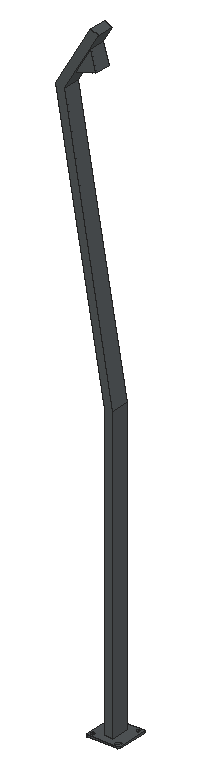
Revit family "Брейк", category Осветительные приборы, Revit 2019 (continued)
Types (3, lengths in mm): name | Файл фотометрической сетки | built-in parameter 1150105 | Lumens | built-in parameter 1150106 | built-in parameter 1150142 | Wattage | ADSK_Фактическая мощность | ADSK_Номинальная мощность | ADSK_Наименование | ADSK_Масса_Текст | ADSK_Масса | ADSK_Артикул | 60вт
    3 142.2 134.6 124.4 112.2 98.5 83.8 68.8 54.5 41.9 31.6 23.8 18.3 14.7 12.6 11.3 10.3 9.3\r\n 8.3 7.1 5.8 4.1\r\n325.0 294.5 270.0 255.8 250.1 249.8 248.8 245.9 241.0 236.3 232.4 229.3 225.9 221.6 217.4 214.0 212.2 210.5 208.4 205.2 201.8\r\n 198.1 194.5 190.9 188.2 185.9 183.8 180.9 177.7 175.3 174.4 174.6 174.0 171.4 166.5 161.0 156.3 153.3 151.4 150.2 149.1 147.6\r\n 145.3 141.9 138.0 134.1 130.8 128.1 126.1 124.8 124.3 124.4 124.2 122.8 120.4 117.8 116.3 115.9 115.9 115.4 114.3 112.7 110.5\r\n 107.5 103.6 99.5 95.9 93.5 91.5 89.0 85.2 79.7 72.7 64.9 56.7 48.5 40.4 32.9 26.3 20.8 16.7 13.9 12.1 11.0 10.2 9.4 8.5 7.6 6.6\r\n 5.7 5.6\r\n325.0 298.6 276.3 261.6 253.7 250.1 246.0 240.2 233.3 227.5 223.5 220.1 216.1 210.9 206.1 202.3 200.4 198.9 196.9 193.3 188.6\r\n 183.3 178.5 174.5 171.6 168.8 165.6 161.2 156.6 153.2 151.5 150.4 148.1 143.6 137.1 130.4 124.8 121.0 118.7 117.0 115.4 113.3\r\n 110.6 107.1 103.1 98.9 94.9 91.3 88.4 86.2 84.6 83.4 82.0 80.1 77.7 75.4 73.8 73.0 72.6 71.9 70.9 69.2 67.2 64.6 61.6 58.5 55.8\r\n 53.7 52.0 50.1 47.6 44.3 40.2 35.7 31.3 27.2 23.4 20.0 16.9 14.4 12.6 11.4 10.7 10.1 9.6 8.8 8.0 7.1 6.2 5.3 4.9\r\n325.0 301.5 281.0 266.5 256.9 250.5 243.1 234.2 225.3 218.6 214.8 211.7 207.9 202.2 196.5 191.7 189.4 188.0 186.5 182.8 177.4\r\n 170.7 164.7 159.8 156.2 152.5 147.9 142.1 136.5 132.2 129.8 127.6 124.2 118.5 111.6 104.4 98.7 94.8 92.4 90.8 89.4 87.6 85.4 82.7\r\n 79.3 75.5 71.4 67.5 64.2 61.7 59.5 57.5 55.3 53.1 50.8 48.8 47.2 46.2 45.4 44.6 43.5 42.0 40.2 38.3 36.3 34.3 32.5 31.0 29.6 28.4\r\n 26.9 25.3 23.2 21.0 18.8 16.9 15.2 13.8 12.6 11.6 10.9 10.4 10.1 9.7 9.2 8.5 7.7 6.8 6.0 4.9 2.4\r\n325.0 302.6 282.7 267.8 256.6 248.1 238.6 228.4 218.6 211.4 207.6 204.7 200.9 194.7 188.0 182.0 179.0 177.6 176.5 173.1 167.0\r\n 159.1 151.7 145.6 141.0 136.4 131.2 124.9 119.0 114.4 111.3 108.4 104.5 98.9 92.5 86.1 80.8 77.0 74.7 73.2 72.1 71.0 69.6 67.8\r\n 65.2 61.9 58.0 54.3 51.2 48.6 46.3 43.8 41.3 38.9 36.7 34.9 33.3 32.2 31.2 30.4 29.5 28.3 27.0 25.6 24.3 23.2 22.2 21.1 20.0 19.1\r\n 18.3 17.6 16.9 15.9 14.7 13.6 12.6 11.9 11.4 11.0 10.7 10.4 10.0 9.6 9.0 8.3 7.6 6.8 6.0 5.1 3.8\r\n325.0 301.4 280.3 263.9 250.8 240.8 231.0 221.7 212.8 206.0 201.9 198.8 195.2 189.0 181.6 174.3 169.8 167.7 166.3 162.7 156.3\r\n 147.8 139.5 132.5 126.9 121.9 116.8 111.3 106.0 101.7 98.3 95.0 91.1 86.3 81.1 76.0 71.5 67.9 65.4 63.8 62.8 62.1 61.1 59.8 57.7\r\n 54.9 51.4 48.0 45.1 42.7 40.4 37.8 35.2 32.8 30.8 29.0 27.6 26.4 25.4 24.6 23.9 23.2 22.3 21.4 20.6 20.0 19.5 18.8 18.1 17.5 17.2\r\n 17.1 16.9 16.5 15.6 14.6 13.6 12.8 12.3 11.9 11.5 10.9 10.3 9.6 9.0 8.3 7.6 6.9 6.3 5.8 5.7\r\n325.0 298.8 275.2 256.3 241.1 230.2 221.2 214.1 207.1 201.2 196.9 193.9 191.0 185.7 178.1 169.5 162.7 158.3 155.0 150.6 144.1\r\n 136.2 128.2 121.4 115.9 111.3 107.1 103.0 98.9 95.1 91.5 87.9 84.0 80.0 76.2 72.4 68.8 65.4 62.5 60.3 58.9 58.0 57.2 56.1 54.2\r\n 51.6 48.4 45.3 42.6 40.3 38.0 35.5 33.1 30.9 29.1 27.5 26.2 25.0 24.1 23.5 23.0 22.6 22.1 21.5 21.1 20.8 20.7 20.6 20.5 20.4 20.6\r\n 20.9 21.0 20.7 19.7 18.3 16.8 15.5 14.5 13.7 12.9 12.0 10.9 9.9 9.1 8.4 7.8 7.2 6.6 6.2 7.0\r\n325.0 295.1 268.2 246.8 229.9 218.3 210.1 204.9 199.8 195.0 191.1 189.0 187.6 184.0 177.0 167.1 157.2 149.2 143.0 137.1 130.8\r\n 124.2 118.1 113.0 108.7 105.2 102.3 99.4 96.4 93.0 89.3 85.5 81.7 78.3 75.4 72.6 69.5 66.1 62.9 60.2 58.2 56.9 56.0 54.9 53.2\r\n 50.7 47.6 44.6 41.9 39.5 37.3 35.1 33.1 31.3 29.8 28.4 27.3 26.4 25.6 25.0 24.7 24.6 24.4 24.1 23.9 24.1 24.6 25.3 26.1 26.8 27.4\r\n 27.9 27.9 27.3 25.7 23.5 21.2 19.2 17.5 16.1 14.8 13.3 11.8 10.3 9.2 8.4 7.9 7.4 6.9 6.2 5.6\r\n325.0 290.9 260.9 237.6 220.0 208.1 200.2 195.4 191.2 187.2 184.2 183.3 183.6 181.9 175.8 165.1 152.4 140.8 131.5 124.2 118.2\r\n 113.6 110.0 107.3 104.9 102.7 100.7 98.5 96.0 92.9 89.3 85.5 81.9 79.0 76.7 74.3 71.4 67.9 64.5 61.5 59.2 57.6 56.5 55.4 53.7\r\n 51.2 48.1 45.0 42.1 39.7 37.6 35.8 34.3 33.0 31.9 31.0 30.2 29.5 28.9 28.5 28.3 28.3 28.3 28.4 28.7 29.5 30.8 32.5 34.2 35.6 36.5\r\n 36.8 36.3 34.9 32.3 29.0 25.7 22.9 20.5 18.5 16.6 14.6 12.6 10.7 9.3 8.4 7.8 7.5 7.0 6.2 3.9\r\n325.0 287.6 255.2 230.5 212.8 200.7 192.5 186.9 182.5 178.9 176.8 176.7 178.0 177.3 172.2 161.4 147.3 133.3 121.9 113.8 108.4\r\n 105.4 104.2 103.5 102.8 101.6 100.2 98.2 95.7 92.7 89.2 85.8 82.7 80.4 78.6 76.4 73.5 69.8 66.3 63.3 61.1 59.5 58.1 56.8 54.9\r\n 52.4 49.3 46.0 42.8 40.4 38.4 37.1 36.2 35.5 34.9 34.4 33.9 33.4 32.9 32.6 32.5 32.7 33.1 33.8 34.9 36.5 38.7 41.3 43.6 45.2 46.0\r\n 45.7 44.4 41.8 38.0 33.5 29.3 25.6 22.8 20.4 18.1 15.6 13.2 11.0 9.3 8.3 7.7 7.4 7.1 6.7 5.1\r\n325.0 286.0 252.2 226.4 208.5 196.3 187.8 181.1 176.3 172.7 171.2 171.0 171.7 170.8 166.1 155.9 141.9 127.3 115.3 106.9 102.2\r\n 100.3 100.3 100.8 101.2 100.8 99.9 98.1 95.4 92.0 88.6 85.4 83.0 81.4 80.2 78.3 75.4 71.7 68.1 65.3 63.2 61.5 60.0 58.3 56.1 53.5\r\n 50.2 46.8 43.6 41.1 39.5 38.7 38.3 38.1 37.8 37.5 37.1 36.7 36.2 35.9 35.9 36.5 37.6 39.2 41.3 43.8 46.8 49.8 52.2 53.6 53.8 52.9\r\n 50.7 47.0 42.1 36.5 31.5 27.3 24.1 21.5 18.8 16.1 13.5 11.2 9.4 8.3 7.6 7.2 6.9 6.9 10.1\r\n325.0 286.4 252.3 225.6 207.1 194.3 185.1 177.7 172.9 169.9 168.7 167.4 166.3 163.8 158.9 149.4 136.4 122.4 110.8 102.7 98.5 97.0\r\n 97.4 98.2 99.1 99.5 99.4 97.9 95.2 91.3 87.5 84.4 82.6 81.7 81.0 79.5 76.7 73.1 69.5 66.7 64.6 62.9 61.1 59.0 56.6 53.7 50.4 47.0\r\n 43.7 41.4 40.2 40.0 40.1 40.1 39.9 39.4 38.8 38.2 37.7 37.4 37.7 38.8 40.7 43.4 46.5 50.0 53.5 56.6 58.7 59.5 59.2 57.7 54.8 50.3\r\n 44.5 38.2 32.5 28.0 24.5 21.5 18.7 16.0 13.4 11.2 9.6 8.5 7.7 7.0 6.5 6.4 6.4\r\n325.0 287.9 254.4 227.3 207.7 193.6 183.4 175.7 171.6 169.6 168.5 166.1 162.9 158.6 152.8 143.6 131.6 118.6 107.8 100.2 96.2 94.6\r\n 94.9 95.6 96.7 97.7 98.3 97.4 94.8 90.5 86.5 83.4 82.0 81.4 80.9 79.6 77.0 73.4 69.8 66.9 64.8 63.1 61.2 58.9 56.2 53.1 49.7 46.3\r\n 43.3 41.4 40.7 40.9 41.2 41.1 40.6 39.8 38.8 38.0 37.4 37.3 37.9 39.6 42.3 45.8 49.7 53.9 57.8 60.9 62.7 63.1 62.4 60.7 57.4 52.4\r\n 46.0 39.1 32.9 28.0 24.1 20.9 18.0 15.3 13.0 11.2 9.8 8.7 7.8 6.9 6.1 5.1 3.4\r\n325.0 289.9 257.8 231.1 210.4 194.5 182.5 174.5 171.0 170.0 168.9 165.7 161.1 155.6 148.9 139.4 127.9 115.9 105.9 98.8 94.8 93.2\r\n 93.1 93.6 94.5 95.5 96.4 95.9 93.5 89.4 85.5 82.8 81.7 81.1 80.5 79.0 76.4 72.9 69.2 66.1 63.9 62.1 60.2 57.8 55.0 51.8 48.4 45.1\r\n 42.5 41.1 40.8 41.3 41.5 41.2 40.3 39.1 37.8 36.8 36.2 36.3 37.4 39.5 42.6 46.5 50.9 55.4 59.6 62.9 64.8 65.2 64.4 62.5 58.9 53.5\r\n 46.7 39.5 33.0 27.7 23.5 20.0 17.0 14.5 12.5 11.1 9.9 9.0 7.9 6.8 5.7 4.6 2.3\r\n325.0 291.3 261.2 236.1 215.4 197.8 183.6 174.5 170.9 169.9 168.6 165.4 160.8 155.3 148.2 138.6 127.2 115.6 105.9 98.9 94.8 93.1\r\n 92.8 93.0 93.3 93.8 94.2 93.6 91.5 88.0 84.8 82.7 81.8 81.1 80.1 78.3 75.6 72.0 68.3 65.0 62.6 60.7 58.8 56.4 53.5 50.4 47.1 44.2\r\n 42.0 41.0 41.0 41.4 41.5 41.0 39.8 38.5 37.1 36.1 35.7 36.0 37.2 39.3 42.4 46.2 50.5 55.1 59.5 63.1 65.2 65.9 65.2 63.1 59.4 53.8\r\n 46.8 39.5 33.0 27.4 23.0 19.4 16.4 14.1 12.3 11.1 10.1 9.2 8.1 6.9 5.7 4.5 4.3\r\n" | 44.4319 W | 58 W | 60 W | "ДТУ159с2 Светодиодный светильник Брейк ДТУ-159-AF-60Вт-4.5" | "43" | 43 | "ДТУ159с2" | yes
